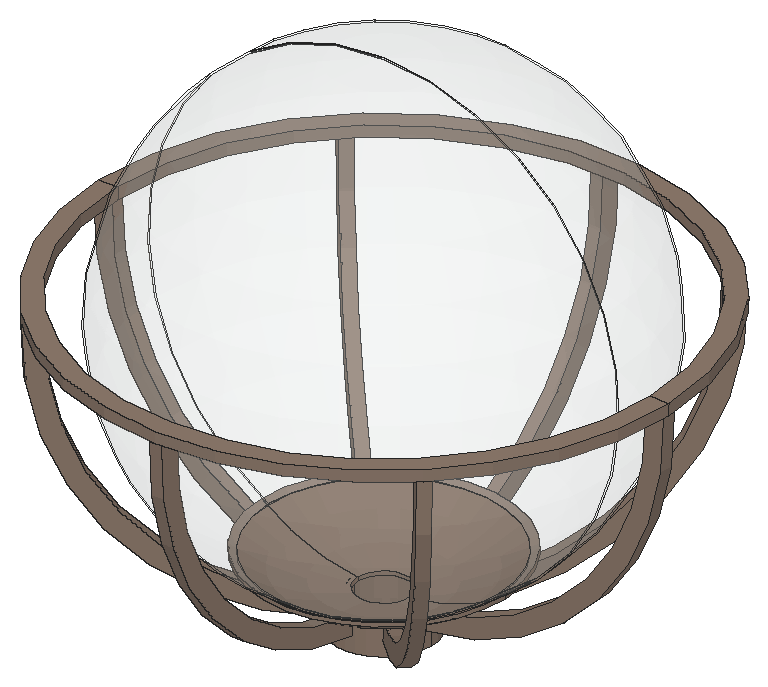
Revit family "WG120", category Generic Models, Revit 2014
Parameters
  GLASS = Glass
  CAST = Bronze, Architectural
Reference planes (in)
  plane 1 "Center (Front/Back)": y = 0
  plane 2: z = 0
  plane 3 "Center (Left/Right)": x = 0
Forms (in)
  Revolve 1, solid, material "Bronze, Architectural" <- "CAST"
    sketch origin (0, 0, 0) x (1, 0, 0) y (0, 0, 1)
      loop
        line (-2.02, 2.66835) -> (-1.27, 2.66835) -> (-1.27, 4.17266) -> (-2.02, 4.17266) -> (-2.02, 2.66835)
      axis (0, 4.17266) -> (0, 2.66835)
    angle from 0 to 360
  Revolve 2, solid, material "Bronze, Architectural" <- "CAST"
    sketch origin (0, 0, 0) x (1, 0, 0) y (0, 0, 1)
      loop
        line (-12.08971, 15.4221) -> (-12.08971, 14.95337) -> (-11.30911, 14.95337) -> (-11.30911, 15.4221) -> (-12.08971, 15.4221)
      axis (0, 15.4221) -> (0, 14.95337)
    angle from 0 to 360
  Extrusion 3, solid, material "Bronze, Architectural" <- "CAST"
    sketch origin (0, 0, 0) x (1, 0, 0) y (0, 0, 1)
      loop
        line (-11.3078, 14.95337) -> (-12.08971, 14.95337)
        arc (-12.08971, 14.95337) -> (-9.28388, 7.06909) -> (-1.80797, 3.30806) r 11.2418
        line (-1.80797, 3.30806) -> (-1.80797, 4.09233)
        arc (-1.80797, 4.09233) -> (-8.73033, 7.62268) -> (-11.3078, 14.95337) r 10.46055
    from -0.25 to 0.25
  Extrusion 4, solid, material "Bronze, Architectural" <- "CAST"
    sketch origin (0, 0, 0) x (-1, 0, 0) y (0, 0, -1)
      loop
        arc (-11.3078, -14.95337) -> (-8.73033, -7.62268) -> (-1.80797, -4.09233) r 10.46055
        line (-1.80797, -4.09233) -> (-1.80797, -3.30806)
        arc (-1.80797, -3.30806) -> (-9.28388, -7.06909) -> (-12.08971, -14.95337) r 11.2418
        line (-12.08971, -14.95337) -> (-11.3078, -14.95337)
    from -0.25 to 0.25
  Extrusion 5, solid, material "Bronze, Architectural" <- "CAST"
    sketch origin (0, 0, 0) x (0, -1, 0) y (0, 0, 1)
      loop
        line (-11.3078, 14.95337) -> (-12.08971, 14.95337)
        arc (-12.08971, 14.95337) -> (-9.28388, 7.06909) -> (-1.80797, 3.30806) r 11.2418
        line (-1.80797, 3.30806) -> (-1.80797, 4.09233)
        arc (-1.80797, 4.09233) -> (-8.73033, 7.62268) -> (-11.3078, 14.95337) r 10.46055
    from -0.25 to 0.25
  Extrusion 6, solid, material "Bronze, Architectural" <- "CAST"
    sketch origin (0, 0, 0) x (0, 1, 0) y (0, 0, -1)
      loop
        arc (-11.3078, -14.95337) -> (-8.73033, -7.62268) -> (-1.80797, -4.09233) r 10.46055
        line (-1.80797, -4.09233) -> (-1.80797, -3.30806)
        arc (-1.80797, -3.30806) -> (-9.28388, -7.06909) -> (-12.08971, -14.95337) r 11.2418
        line (-12.08971, -14.95337) -> (-11.3078, -14.95337)
    from -0.25 to 0.25
  Extrusion 7, solid, material "Bronze, Architectural" <- "CAST"
    sketch origin (0, 0, 0) x (-0.707107, -0.707107, 0) y (0, 0, 1)
      loop
        line (-11.3078, 14.95337) -> (-12.08971, 14.95337)
        arc (-12.08971, 14.95337) -> (-9.28388, 7.06909) -> (-1.80797, 3.30806) r 11.2418
        line (-1.80797, 3.30806) -> (-1.80797, 4.09233)
        arc (-1.80797, 4.09233) -> (-8.73033, 7.62268) -> (-11.3078, 14.95337) r 10.46055
    from -0.25 to 0.25
  Extrusion 8, solid, material "Bronze, Architectural" <- "CAST"
    sketch origin (0, 0, 0) x (0.707107, 0.707107, 0) y (0, 0, -1)
      loop
        arc (-11.3078, -14.95337) -> (-8.73033, -7.62268) -> (-1.80797, -4.09233) r 10.46055
        line (-1.80797, -4.09233) -> (-1.80797, -3.30806)
        arc (-1.80797, -3.30806) -> (-9.28388, -7.06909) -> (-12.08971, -14.95337) r 11.2418
        line (-12.08971, -14.95337) -> (-11.3078, -14.95337)
    from -0.25 to 0.25
  Extrusion 9, solid, material "Bronze, Architectural" <- "CAST"
    sketch origin (0, 0, 0) x (0.707107, -0.707107, 0) y (0, 0, 1)
      loop
        line (-11.3078, 14.95337) -> (-12.08971, 14.95337)
        arc (-12.08971, 14.95337) -> (-9.28388, 7.06909) -> (-1.80797, 3.30806) r 11.2418
        line (-1.80797, 3.30806) -> (-1.80797, 4.09233)
        arc (-1.80797, 4.09233) -> (-8.73033, 7.62268) -> (-11.3078, 14.95337) r 10.46055
    from -0.25 to 0.25
  Extrusion 10, solid, material "Bronze, Architectural" <- "CAST"
    sketch origin (0, 0, 0) x (-0.707107, 0.707107, 0) y (0, 0, -1)
      loop
        arc (-11.3078, -14.95337) -> (-8.73033, -7.62268) -> (-1.80797, -4.09233) r 10.46055
        line (-1.80797, -4.09233) -> (-1.80797, -3.30806)
        arc (-1.80797, -3.30806) -> (-9.28388, -7.06909) -> (-12.08971, -14.95337) r 11.2418
        line (-12.08971, -14.95337) -> (-11.3078, -14.95337)
    from -0.25 to 0.25
  Revolve 11, solid, material "Bronze, Architectural" <- "CAST"
    sketch origin (0, 0, 0) x (1, 0, 0) y (0, 0, 1)
      loop
        line (-5.17957, 5.73508) -> (-5.17957, 5.57884)
        arc (-5.17957, 5.57884) -> (-3.24935, 4.51988) -> (-1.10165, 4.03556) r 7.88927
        line (-1.10165, 4.03556) -> (-1.10165, 4.1918)
        arc (-1.10165, 4.1918) -> (-3.24935, 4.67613) -> (-5.17957, 5.73508) r 7.88927
      axis (0, 5.73508) -> (0, 4.03556)
    angle from 0 to 360
  Revolve 12, solid, material "Glass" <- "GLASS"
    sketch origin (0, 0, 0) x (1, 0, 0) y (0, 0, 1)
      loop
        line (-4.89107, 5.57884) -> (-4.86062, 5.63342)
        arc (-4.86062, 5.63342) -> (-9.63465, 16.82217) -> (0, 24.24867) r 9.937
        line (0, 24.24867) -> (0, 24.31117)
        arc (0, 24.31117) -> (-9.69514, 16.8379) -> (-4.89107, 5.57884) r 9.9995
      axis (0, 24.31117) -> (0, 5.57884)
    angle from 0 to 360
Cuts and joins
  joined: Revolve 1, Extrusion 3, Extrusion 4, Extrusion 5, Extrusion 6, Extrusion 7, Extrusion 8, Extrusion 9, Extrusion 10
Dimensions and locks (in)
  aligned and locked: plane 2 to level
